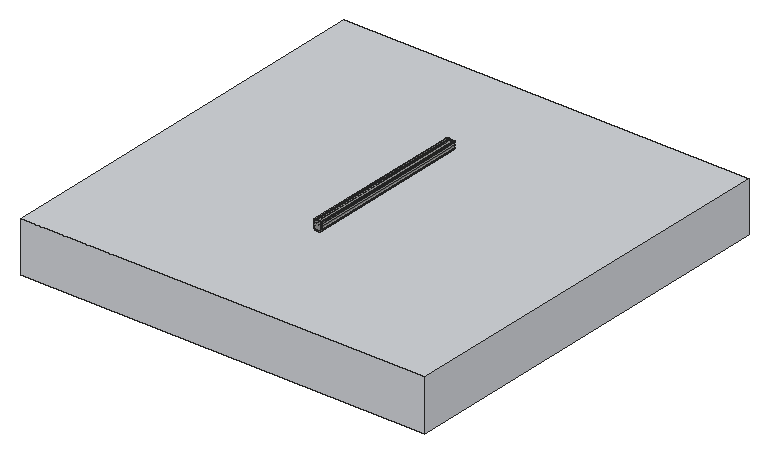
Revit family "L-trade 55 Standart", category Осветительные приборы, Revit 2017
Family settings
  Основа = Грань
  Размер круглого соединителя = Использовать диаметр
  Тип детали = Нормальный
  При загрузке вырезать с полостями = Нет
  Источник света = Да
  Общий = Нет
  Точка расчета площади = Нет
Parameters (values of type "L-trade 55 Standart 4.0K Г60")
  Цветовая температура = 4000 K
  Световой поток светильника = Lumens  # 4517 lm
  Расстояние от светильника до поверхности = 100 mm
  Описание = "Светодиодный светильник L-trade 55 Standart предназначен для освещения промышленных помещений, логистических центров, магазинов, спортивных сооружений и т.д."
  Lamp = ""
  Кривая сил света = "Г60"
  Комментарии к типоразмеру = "Торговые"
  Wattage Comments = ""
  Wattage = 30.4089 W
  built-in parameter 1150110 = 1 (stored number, unit not read)
  built-in parameter 1114217 = 1 (stored number, unit not read)
  Tilt Angle = 90.00°
  built-in parameter 1150109 = 1 (stored number, unit not read)
  built-in parameter 1150134 = 12
  built-in parameter 1150113 = 1 (stored number, unit not read)
  Файл фотометрической сетки = "L-trade 55-52-G60-4.0K-01-Standart.ies"
  built-in parameter 1150142 = "IESNA:LM-63-1995\r\n[TEST]LEDEL\r\n[DATA]22.10.2017\r\n[MANUFAC]LEDEL\r\n[LUMCAT]L-trade 55-52-Г60-4.0K-01-Standart\r\n[LUMINAIRE]Для общего внутреннего освещения производственных помещений, торговых залов, складов\r\n[LAMPCAT]LED\r\n[LAMP]OSRAM OSLON \r\nTILT=NONE\r\n\r\n1 4851 1.0225548 37 10 1 2 1.537 0.048 0.0565\r\n\r\n1 1 52\r\n\r\n 0 2.5 5 7.5 10 12.5 15 17.5 20 22.5 25 27.5 30 32.5 35 37.5 40 42.5 45 47.5 50 52.5 55 57.5 60 62.5 65 67.5 70 72.5 75 77.5 80 82.5\r\n 85 87.5 90\r\n\r\n  0 10 20 30 40 50 60 70 80 90\r\n\r\n  2421 2423 2420 2406 2381 2343 2303 2256 2208 2154 2097 2035 1933 1728 1563 1436 1316 1174 1044 928 786 614 465 384 356 \r\n333 286 247 240 219 185 184 159 139 107 51 17\r\n  2421 2423 2420 2406 2381 2343 2303 2256 2208 2154 2097 2035 1933 1728 1563 1436 1316 1174 1044 928 786 614 465 384 356 \r\n333 286 247 240 219 185 184 159 139 107 51 17\r\n  2414 2417 2414 2404 2383 2348 2303 2238 2157 2067 1986 1915 1809 1623 1433 1301 1183 1055 917 772 668 577 463 375 321\r\n296 258 198 165 167 148 141 126 106 76 35 13\r\n  2413 2417 2414 2405 2385 2348 2303 2260 2213 2160 2098 2035 1958 1825 1602 1424 1266 1103 911 743 633 573 513 406 320\r\n283 280 251 204 183 165 129 119 106 78 42 19\r\n  2414 2417 2412 2400 2379 2347 2307 2262 2213 2162 2104 2029 1958 1870 1708 1487 1325 1176 982 811 692 591 496 428 363\r\n308 279 256 235 190 155 144 117 91 65 39 19\r\n  2414 2416 2412 2397 2370 2347 2313 2267 2216 2164 2107 2045 1967 1889 1785 1595 1377 1201 1002 817 687 600 515 450 432\r\n384 302 232 209 203 187 148 117 98 69 42 20\r\n  2417 2417 2414 2395 2371 2348 2318 2277 2225 2171 2119 2050 1984 1898 1811 1690 1492 1224 982 815 717 632 553 478 395\r\n347 329 297 257 183 170 169 137 101 73 46 20\r\n  2417 2407 2385 2366 2337 2302 2259 2215 2165 2110 2052 1979 1900 1813 1697 1570 1398 1174 953 808 700 641 535 417 366 \r\n351 296 226 235 220 172 147 123 89 47 15 11\r\n  2420 2419 2411 2390 2374 2348 2313 2270 2227 2179 2129 2074 2008 1941 1861 1742 1598 1416 1228 1048 878 777 672 556 484\r\n460 434 366 316 285 237 189 174 144 109 65 15\r\n  2420 2420 2413 2392 2374 2348 2312 2271 2228 2183 2129 2076 2017 1950 1865 1745 1588 1393 1187 1049 952 826 622 465 426\r\n452 438 314 261 299 243 165 197 147 117 72 19\r\n  "
  built-in parameter 1150105 = 359.45 (stored number, unit not read)
  Lumens = 4517 lm
  built-in parameter 1150115 = 1 (stored number, unit not read)
  built-in parameter 1150137 = (empty or 0)
  built-in parameter 1150139 = (empty or 0)
  built-in parameter 1150112 = 1 (stored number, unit not read)
  built-in parameter 1150114 = 1 (stored number, unit not read)
  built-in parameter 1150132 = 2
  Классификация нагрузок = Освещение
  built-in parameter 1150102 = (empty or 0)
  built-in parameter 1150107 = 4000 (stored number, unit not read)
  built-in parameter 1150138 = (empty or 0)
  built-in parameter 1150106 = 3.5945 (stored number, unit not read)
  Emit from Rectangle Width = 37.9 mm
  Emit from Rectangle Length = 985 mm
  Manufacturer = ""
  Длина профиля = Emit from Rectangle Length + 15 mm  # 1000 mm
  Emit Shape Visible in Rendering = no
  built-in parameter 1150104 = 13.8 (stored number, unit not read)
  Dimming Lamp Color Temperature Shift = (empty or 0)
  Default Elevation = 1219.2 mm
  Color Filter = 16777215
  built-in parameter 1114218 = 1 (stored number, unit not read)
  built-in parameter 1150133 = 10 (stored number, unit not read)
  Apparent Load = 52 VA  # constant formula
  Артикул = ""
Reference planes
  plane 1 "Center (Front/Back)": y = 0
  plane 2: z = 0
  plane 3 "Center (Left/Right)": x = 0
Forms (mm)
  Extrusion 1, solid
    sketch origin (0, 0, 0) x (1, 0, 0) y (0, 1, 0)
      loop
        line (-1219.2, 1219.2) -> (-1219.2, -1219.2) -> (1219.2, -1219.2) -> (1219.2, 1219.2) -> (-1219.2, 1219.2)
    from 0 to -304.8
Dimensions and locks
  "Расстояние от светильника до поверхности": imposter light to Extrusion 1
  aligned and locked: plane 2 to Extrusion 1
  aligned and locked: level to Extrusion 1
Automatic sketch dimensions
  Extrusion 1 sketch curve to Extrusion 1 sketch curve = 2438.4 mm  (x2)
Nested families
  nested 1: "L-trade_body" at (0, 0, 0), type "L-trade_body"
Connectors
  electrical at (0, 0, 0), driven by "Apparent Load", driven by "Классификация нагрузок"
    settings: on Extrusion 1, index 1, voltage 230 V, apparent load 0 VA, apparent load phase1 52 VA, apparent load phase2 0 VA, apparent load phase3 0 VA, power factor 1, load classification "Освещение", number of poles 1, system type 31, power factor state 1, is connector primary yes, connector utility no, sub classification motor no, connector description ""
Definition of nested family "L-trade_body"
  Parameters (values of type "L-trade_body")
    Тип торцевой крышки = Trade Standart : Trade Standart
    Расстояние от светильника до плоскости = 55.991 mm
    Default Elevation = 1219.2 mm
    Начало выдавливания = Длина профиля / 2 * (-1)  # -250 mm
    Конец выдавливания = Длина профиля / 2  # 250 mm
    Длина профиля = 500 mm
  Reference planes
    plane 1 "По центру (Вперед/Назад)": y = 0
    plane 2: z = 0
    plane 3 "По центру (Влево/Вправо)": x = 0
    plane 4 "Плоскость расположения светильника": z = 55.991
  Forms (mm)
    Extrusion 1, solid
      sketch origin (0, 0, 0) x (1, 0, 0) y (0, 1, 0)
        loop
          line (-1219.2, 1219.2) -> (-1219.2, -1219.2) -> (1219.2, -1219.2) -> (1219.2, 1219.2) -> (-1219.2, 1219.2)
      from 0 to -304.8
    Extrusion 2, solid
      sketch origin (-0.012, 0, 76.46) x (0, 0, 1) y (1, 0, 0)
        loop
          arc (-59.25, -24.005) -> (-52.269, -20.15) -> (-45.287, -24.005) r 8.25
          arc (-45.287, -24.005) -> (-39.588, -21.546) -> (-34.671, -17.758) r 25
          arc (-34.671, -17.758) -> (-33.593, -19.381) -> (-31.769, -20) r 3
          line (-31.769, -20) -> (-31.747, -18.485)
          arc (-31.747, -18.485) -> (-32.827, -15.957) -> (-30.283, -17) r 1.486
          line (-30.283, -17) -> (-28.946, -18.017)
          arc (-28.946, -18.017) -> (-28.836, -17.633) -> (-28.778, -17.238) r 3
          arc (-28.778, -17.238) -> (-28.264, -17.566) -> (-27.736, -17.872) r 15
          arc (-27.736, -17.872) -> (-28.629, -21.6) -> (-25.469, -23.771) r 3.385
          line (-25.469, -23.771) -> (-20.469, -23.771) -> (-20.469, -21.96) -> (-20.469, -18.959) -> (-21.47, -18.959) -> (-21.47, -21.96) -> (-25.469, -21.96)
          arc (-25.469, -21.96) -> (-26.945, -20.195) -> (-24.946, -19.054) r 1.5
          line (-24.946, -19.054) -> (-24.946, -17.462)
          arc (-24.946, -17.462) -> (-28.28, -15.733) -> (-31.007, -13.151) r 13.477
          arc (-31.007, -13.151) -> (-31.597, -12.352) -> (-32.126, -11.512) r 13.477
          arc (-32.126, -11.512) -> (-33.542, -8.026) -> (-33.938, -4.283) r 13.477
          line (-33.938, -4.283) -> (-34.93, -4.283) -> (-34.93, -5.255) -> (-36.043, -5.255) -> (-36.043, 0) -> (-36.043, 5.255) -> (-34.93, 5.255) -> (-34.93, 4.283) -> (-33.938, 4.283)
          arc (-33.938, 4.283) -> (-33.542, 8.026) -> (-32.126, 11.512) r 13.477
          arc (-32.126, 11.512) -> (-31.597, 12.352) -> (-31.007, 13.151) r 13.477
          arc (-31.007, 13.151) -> (-28.28, 15.733) -> (-24.946, 17.462) r 13.477
          line (-24.946, 17.462) -> (-24.946, 19.054)
          arc (-24.946, 19.054) -> (-26.945, 20.195) -> (-25.469, 21.96) r 1.5
          line (-25.469, 21.96) -> (-21.47, 21.96) -> (-21.47, 18.959) -> (-20.469, 18.959) -> (-20.469, 21.96) -> (-20.469, 23.771) -> (-25.469, 23.771)
          arc (-25.469, 23.771) -> (-28.629, 21.6) -> (-27.736, 17.872) r 3.385
          arc (-27.736, 17.872) -> (-28.264, 17.566) -> (-28.778, 17.238) r 15
          arc (-28.778, 17.238) -> (-28.836, 17.633) -> (-28.946, 18.017) r 3
          line (-28.946, 18.017) -> (-30.283, 17)
          arc (-30.283, 17) -> (-32.819, 15.949) -> (-31.769, 18.486) r 1.486
          line (-31.769, 18.486) -> (-31.769, 20)
          arc (-31.769, 20) -> (-33.603, 19.374) -> (-34.671, 17.758) r 3
          arc (-34.671, 17.758) -> (-39.588, 21.546) -> (-45.287, 24.005) r 25
          arc (-45.287, 24.005) -> (-52.269, 20.15) -> (-59.25, 24.005) r 8.25
          arc (-59.25, 24.005) -> (-64.079, 22.034) -> (-68.395, 19.104) r 25
          line (-68.395, 19.104) -> (-69.102, 17.807)
          arc (-69.102, 17.807) -> (-68.597, 17.356) -> (-68.344, 16.728) r 1.489
          arc (-68.344, 16.728) -> (-68.731, 15.48) -> (-69.953, 15.017) r 1.489
          arc (-69.953, 15.017) -> (-71.216, 15.994) -> (-70.869, 17.553) r 1.489
          line (-70.869, 17.553) -> (-71.913, 18.598)
          arc (-71.913, 18.598) -> (-72.763, 16.832) -> (-72.327, 14.922) r 2.966
          arc (-72.327, 14.922) -> (-75.219, 9.913) -> (-76.883, 4.375) r 25
          line (-76.883, 4.375) -> (-76.883, 2.61) -> (-75.101, 2.61) -> (-75.101, 4.112) -> (-71.169, 4.112) -> (-71.169, 0) -> (-71.169, -4.112) -> (-75.101, -4.112) -> (-75.101, -2.61) -> (-76.883, -2.61) -> (-76.883, -4.375)
          arc (-76.883, -4.375) -> (-75.219, -9.913) -> (-72.327, -14.922) r 25
          arc (-72.327, -14.922) -> (-72.763, -16.832) -> (-71.913, -18.598) r 2.966
          line (-71.913, -18.598) -> (-70.869, -17.553)
          arc (-70.869, -17.553) -> (-71.216, -15.994) -> (-69.953, -15.017) r 1.489
          arc (-69.953, -15.017) -> (-68.731, -15.48) -> (-68.344, -16.728) r 1.489
          arc (-68.344, -16.728) -> (-68.597, -17.356) -> (-69.102, -17.807) r 1.489
          line (-69.102, -17.807) -> (-68.395, -19.104)
          arc (-68.395, -19.104) -> (-64.079, -22.034) -> (-59.25, -24.005) r 25
        loop
          arc (-59.931, -21.898) -> (-52.269, -18.35) -> (-44.606, -21.898) r 10.05
          arc (-44.606, -21.898) -> (-38.092, -18.365) -> (-33.024, -12.957) r 23.2
          arc (-33.024, -12.957) -> (-34.527, -9.982) -> (-35.335, -6.748) r 15
          line (-35.335, -6.748) -> (-37.561, -6.748) -> (-37.561, 0) -> (-37.561, 6.748) -> (-35.335, 6.748)
          arc (-35.335, 6.748) -> (-34.527, 9.982) -> (-33.024, 12.957) r 15
          arc (-33.024, 12.957) -> (-38.092, 18.365) -> (-44.606, 21.898) r 23.2
          arc (-44.606, 21.898) -> (-52.269, 18.35) -> (-59.931, 21.898) r 10.05
          arc (-59.931, 21.898) -> (-63.725, 20.174) -> (-67.149, 17.799) r 23.2
          arc (-67.149, 17.799) -> (-67.655, 14.468) -> (-70.949, 13.759) r 2.966
          arc (-70.949, 13.759) -> (-73.267, 9.864) -> (-74.784, 5.594) r 23.2
          line (-74.784, 5.594) -> (-69.669, 5.594) -> (-69.669, 0) -> (-69.669, -5.594) -> (-74.784, -5.594)
          arc (-74.784, -5.594) -> (-73.267, -9.864) -> (-70.949, -13.759) r 23.2
          arc (-70.949, -13.759) -> (-67.655, -14.468) -> (-67.149, -17.799) r 2.966
          arc (-67.149, -17.799) -> (-63.725, -20.174) -> (-59.931, -21.898) r 23.2
      from -250 <- "Начало выдавливания" to 250 <- "Конец выдавливания"
    Extrusion 3, solid
      sketch origin (-0.012, 0.083, 76.46) x (-1, 0, 0) y (0, 0, -1)
        loop
          line (21.96, 21.47) -> (21.96, 24.47) -> (-21.96, 24.47) -> (-21.96, 21.47) -> (21.96, 21.47)
      from -250 <- "Начало выдавливания" to 250 <- "Конец выдавливания"
  Dimensions and locks
    "Расстояние от светильника до плоскости": plane 4 "Плоскость расположения светильника" to Extrusion 1
    aligned and locked: plane 2 to Extrusion 1
    aligned and locked: level to Extrusion 1
  Automatic sketch dimensions
    Extrusion 1 sketch curve to Extrusion 1 sketch curve = 2438.4 mm  (x2)
    Extrusion 2 sketch curve to Extrusion 2 sketch curve = 0 mm  (x233)
    Extrusion 2 sketch curve to plane 4 "Плоскость расположения светильника" = 0 mm  (x4)
    Extrusion 2 sketch curve to Extrusion 2 sketch curve = 1.002 mm
    Extrusion 2 sketch curve to plane 4 "Плоскость расположения светильника" = 1.002 mm
    Extrusion 2 sketch curve to Extrusion 2 sketch curve = 3.475 mm  (x2)
    Extrusion 2 sketch curve to Extrusion 2 sketch curve = 0.523 mm  (x2)
    Extrusion 2 sketch curve to Extrusion 2 sketch curve = 4.001 mm  (x2)
    Extrusion 2 sketch curve to Extrusion 2 sketch curve = 1.337 mm  (x2)
    Extrusion 2 sketch curve to Extrusion 2 sketch curve = 1.486 mm  (x2)
    plane 3 "По центру (Влево/Вправо)" to Extrusion 2 sketch curve = 4.272 mm
    Extrusion 2 sketch curve to Extrusion 2 sketch curve = 2.169 mm
    Extrusion 2 sketch curve to plane 3 "По центру (Влево/Вправо)" = 4.295 mm
    Extrusion 2 sketch curve to Extrusion 2 sketch curve = 0.992 mm  (x2)
    Extrusion 2 sketch curve to Extrusion 2 sketch curve = 0.405 mm  (x2)
    Extrusion 2 sketch curve to Extrusion 2 sketch curve = 1.113 mm
    Extrusion 2 sketch curve to Extrusion 2 sketch curve = 1.518 mm
    Extrusion 2 sketch curve to plane 3 "По центру (Влево/Вправо)" = 0.012 mm  (x5)
    Extrusion 2 sketch curve to Extrusion 2 sketch curve = 14.707 mm
    Extrusion 2 sketch curve to Extrusion 2 sketch curve = 20.5 mm  (x2)
    Extrusion 2 sketch curve to Extrusion 2 sketch curve = 16.126 mm  (x2)
    Extrusion 2 sketch curve to Extrusion 2 sketch curve = 0.708 mm  (x2)
    plane 3 "По центру (Влево/Вправо)" to Extrusion 2 sketch curve = 5.582 mm
    Extrusion 2 sketch curve to Extrusion 2 sketch curve = 0.566 mm
    Extrusion 2 sketch curve to Extrusion 2 sketch curve = 0.713 mm  (x2)
    Extrusion 2 sketch curve to Extrusion 2 sketch curve = 1.053 mm  (x3)
    Extrusion 2 sketch curve to Extrusion 2 sketch curve = 1.5 mm
    Extrusion 2 sketch curve to Extrusion 2 sketch curve = 1.045 mm  (x4)
    Extrusion 2 sketch curve to plane 3 "По центру (Влево/Вправо)" = 18.609 mm
    Extrusion 2 sketch curve to Extrusion 2 sketch curve = 3.615 mm  (x2)
    Extrusion 2 sketch curve to Extrusion 2 sketch curve = 0.317 mm  (x2)
    Extrusion 2 sketch curve to Extrusion 2 sketch curve = 1.782 mm  (x2)
    Extrusion 2 sketch curve to plane 3 "По центру (Влево/Вправо)" = 18.971 mm
    Extrusion 2 sketch curve to Extrusion 2 sketch curve = 0.095 mm
    Extrusion 2 sketch curve to Extrusion 2 sketch curve = 0.506 mm
    Extrusion 2 sketch curve to Extrusion 2 sketch curve = 1.331 mm  (x2)
    Extrusion 2 sketch curve to Extrusion 2 sketch curve = 0.075 mm  (x2)
    Extrusion 2 sketch curve to Extrusion 2 sketch curve = 1.81 mm  (x2)
    Extrusion 2 sketch curve to Extrusion 2 sketch curve = 9.296 mm  (x2)
    Extrusion 2 sketch curve to Extrusion 2 sketch curve = 1.037 mm
    Extrusion 2 sketch curve to Extrusion 2 sketch curve = 1.297 mm  (x2)
    Extrusion 2 sketch curve to Extrusion 2 sketch curve = 1.593 mm  (x2)
    Extrusion 2 sketch curve to Extrusion 2 sketch curve = 1.017 mm  (x2)
    Extrusion 2 sketch curve to Extrusion 2 sketch curve = 2.464 mm
    Extrusion 2 sketch curve to plane 3 "По центру (Влево/Вправо)" = 5.606 mm
    Extrusion 2 sketch curve to Extrusion 2 sketch curve = 0.971 mm  (x2)
    Extrusion 2 sketch curve to Extrusion 2 sketch curve = 1.219 mm
    Extrusion 2 sketch curve to Extrusion 2 sketch curve = 1.482 mm  (x2)
    Extrusion 2 sketch curve to Extrusion 2 sketch curve = 1.502 mm
    plane 3 "По центру (Влево/Вправо)" to Extrusion 2 sketch curve = 2.598 mm
    Extrusion 2 sketch curve to Extrusion 2 sketch curve = 1.765 mm
    plane 3 "По центру (Влево/Вправо)" to Extrusion 2 sketch curve = 4.738 mm
    Extrusion 2 sketch curve to Extrusion 2 sketch curve = 1.493 mm
    Extrusion 2 sketch curve to Extrusion 2 sketch curve = 10.906 mm
    Extrusion 2 sketch curve to Extrusion 2 sketch curve = 0.462 mm
    Extrusion 2 sketch curve to Extrusion 2 sketch curve = 1.497 mm
    Extrusion 2 sketch curve to Extrusion 2 sketch curve = 1.514 mm
    Extrusion 2 sketch curve to Extrusion 2 sketch curve = 1.21 mm  (x2)
    Extrusion 2 sketch curve to Extrusion 2 sketch curve = 0.724 mm  (x2)
    Extrusion 2 sketch curve to Extrusion 2 sketch curve = 0.024 mm  (x2)
    Extrusion 2 sketch curve to Extrusion 2 sketch curve = 0.021 mm
    Extrusion 2 sketch curve to Extrusion 2 sketch curve = 1.119 mm  (x2)
    Extrusion 2 sketch curve to Extrusion 2 sketch curve = 0.898 mm  (x2)
    Extrusion 2 sketch curve to Extrusion 2 sketch curve = 2.903 mm  (x2)
    Extrusion 2 sketch curve to Extrusion 2 sketch curve = 7.663 mm  (x2)
    Extrusion 2 sketch curve to Extrusion 2 sketch curve = 0.681 mm  (x4)
    Extrusion 2 sketch curve to Extrusion 2 sketch curve = 6.982 mm
    Extrusion 2 sketch curve to Extrusion 2 sketch curve = 1.246 mm  (x2)
    Extrusion 2 sketch curve to Extrusion 2 sketch curve = 0.758 mm  (x2)
    Extrusion 2 sketch curve to Extrusion 2 sketch curve = 0.137 mm  (x2)
    Extrusion 3 sketch curve to plane 4 "Плоскость расположения светильника" = 1.002 mm
    plane 3 "По центру (Влево/Вправо)" to Extrusion 3 sketch curve = 21.949 mm
    Extrusion 3 sketch curve to plane 4 "Плоскость расположения светильника" = 4.002 mm
    Extrusion 3 sketch curve to plane 3 "По центру (Влево/Вправо)" = 21.972 mm
  Nested families
    nested 1: "Trade Standart" at (0.555, 0.024, 0), type <- "Тип торцевой крышки", type "Trade Standart"
      with Расстояние до плоскости 55.991 mm, Начало профиля 250 mm, Конец профиля 250 mm
    nested 2: "Trade Standart" at (0.452, 0, 0), type <- "Тип торцевой крышки", type "Trade Standart"
      with Расстояние до плоскости 55.991 mm, Начало профиля 250 mm, Конец профиля 250 mm
  Definition of nested family "Trade Standart"
    Parameters (values of type "Trade Standart")
      Расстояние до плоскости = 150 mm
      Default Elevation = 1219.2 mm
      Начало профиля = 249.976 mm
      Конец профиля = 250.024 mm
    Reference planes
      plane 1 "По центру (Вперед/Назад)": y = 0
      plane 2: z = 0
      plane 3 "По центру (Влево/Вправо)": x = 0
      plane 4 "Плоскость светильника": z = 150
    Forms (mm)
      Extrusion 1, solid
        sketch origin (0, 0, 0) x (1, 0, 0) y (0, 1, 0)
          loop
            line (-1219.2, 1219.2) -> (-1219.2, -1219.2) -> (1219.2, -1219.2) -> (1219.2, 1219.2) -> (-1219.2, 1219.2)
        from 0 to -304.8
      Extrusion 2, solid
        sketch origin (-19.367, -250.024, 150) x (1, 0, 0) y (0, 0, 1)
          loop
            arc (33.722, -51.859) -> (35.632, -52.295) -> (37.398, -51.445) r 2.966
            arc (37.398, -51.445) -> (38.236, -49.77) -> (37.904, -47.926) r 2.966
            arc (37.904, -47.926) -> (40.834, -43.611) -> (42.805, -38.782) r 25
            arc (42.805, -38.782) -> (38.95, -31.8) -> (42.805, -24.818) r 8.25
            arc (42.805, -24.818) -> (40.346, -19.12) -> (36.558, -14.203) r 25
            arc (36.558, -14.203) -> (38.174, -13.134) -> (38.8, -11.3) r 3
            arc (38.8, -11.3) -> (38.255, -9.575) -> (36.817, -8.478) r 3
            arc (36.817, -8.478) -> (36.433, -8.368) -> (36.038, -8.309) r 3
            arc (36.038, -8.309) -> (36.366, -7.795) -> (36.672, -7.268) r 15
            arc (36.672, -7.268) -> (40.4, -8.16) -> (42.571, -5) r 3.385
            line (42.571, -5) -> (42.571, 0) -> (40.76, 0) -> (37.759, 0) -> (-0.159, 0) -> (-3.16, 0) -> (-4.971, 0) -> (-4.971, -5)
            arc (-4.971, -5) -> (-2.8, -8.16) -> (0.928, -7.268) r 3.385
            arc (0.928, -7.268) -> (1.234, -7.795) -> (1.562, -8.309) r 15
            arc (1.562, -8.309) -> (1.167, -8.368) -> (0.783, -8.478) r 3
            arc (0.783, -8.478) -> (-0.655, -9.575) -> (-1.2, -11.3) r 3
            arc (-1.2, -11.3) -> (-0.574, -13.134) -> (1.042, -14.203) r 3
            arc (1.042, -14.203) -> (-2.746, -19.12) -> (-5.205, -24.818) r 25
            arc (-5.205, -24.818) -> (-1.35, -31.8) -> (-5.205, -38.782) r 8.25
            arc (-5.205, -38.782) -> (-3.234, -43.611) -> (-0.304, -47.926) r 25
            arc (-0.304, -47.926) -> (-0.636, -49.77) -> (0.202, -51.445) r 2.966
            arc (0.202, -51.445) -> (1.968, -52.295) -> (3.878, -51.859) r 2.966
            arc (3.878, -51.859) -> (9.009, -54.803) -> (14.688, -56.46) r 25
            line (14.688, -56.46) -> (14.688, -50.7) -> (18.8, -50.7) -> (22.912, -50.7) -> (22.912, -56.46)
            arc (22.912, -56.46) -> (28.591, -54.803) -> (33.722, -51.859) r 25
        from 0 to 1.5
      Extrusion 3, solid
        sketch origin (18.233, 249.976, 150) x (-1, 0, 0) y (0, 0, 1)
          loop
            arc (3.884, -51.859) -> (9.014, -54.803) -> (14.693, -56.46) r 25
            line (14.693, -56.46) -> (14.693, -50.7) -> (18.805, -50.7) -> (22.917, -50.7) -> (22.917, -56.46)
            arc (22.917, -56.46) -> (28.596, -54.803) -> (33.727, -51.859) r 25
            arc (33.727, -51.859) -> (35.637, -52.295) -> (37.403, -51.445) r 2.966
            arc (37.403, -51.445) -> (38.241, -49.77) -> (37.909, -47.926) r 2.966
            arc (37.909, -47.926) -> (40.839, -43.611) -> (42.81, -38.782) r 25
            arc (42.81, -38.782) -> (38.955, -31.8) -> (42.81, -24.818) r 8.25
            arc (42.81, -24.818) -> (40.351, -19.12) -> (36.563, -14.203) r 25
            arc (36.563, -14.203) -> (38.179, -13.134) -> (38.805, -11.3) r 3
            arc (38.805, -11.3) -> (38.26, -9.575) -> (36.822, -8.478) r 3
            arc (36.822, -8.478) -> (36.438, -8.368) -> (36.043, -8.309) r 3
            arc (36.043, -8.309) -> (36.371, -7.795) -> (36.677, -7.268) r 15
            arc (36.677, -7.268) -> (40.405, -8.16) -> (42.576, -5) r 3.385
            line (42.576, -5) -> (42.576, 0) -> (40.765, 0) -> (37.764, 0) -> (-0.154, 0) -> (-3.155, 0) -> (-4.966, 0) -> (-4.966, -5)
            arc (-4.966, -5) -> (-2.795, -8.16) -> (0.933, -7.268) r 3.385
            arc (0.933, -7.268) -> (1.239, -7.795) -> (1.567, -8.309) r 15
            arc (1.567, -8.309) -> (1.172, -8.368) -> (0.788, -8.478) r 3
            arc (0.788, -8.478) -> (-0.65, -9.575) -> (-1.195, -11.3) r 3
            arc (-1.195, -11.3) -> (-0.569, -13.134) -> (1.047, -14.203) r 3
            arc (1.047, -14.203) -> (-2.741, -19.12) -> (-5.2, -24.818) r 25
            arc (-5.2, -24.818) -> (-1.345, -31.8) -> (-5.2, -38.782) r 8.25
            arc (-5.2, -38.782) -> (-3.229, -43.611) -> (-0.299, -47.926) r 25
            arc (-0.299, -47.926) -> (-0.631, -49.77) -> (0.207, -51.445) r 2.966
            arc (0.207, -51.445) -> (1.973, -52.295) -> (3.884, -51.859) r 2.966
        from 0 to 1.5
      Extrusion 4, solid
        sketch origin (0, -398.223, 150) x (0, -1, 0) y (1, 0, 0)
          loop
            line (-154.699, 18.233) -> (-154.699, -19.367) -> (-148.199, -19.367) -> (-148.199, 18.233) -> (-154.699, 18.233)
          loop
            line (-648.199, -19.367) -> (-641.699, -19.367) -> (-641.699, 18.233) -> (-648.199, 18.233) -> (-648.199, -19.367)
        from 0 to -1
    Dimensions and locks
      "Расстояние до плоскости": plane 4 "Плоскость светильника" to Extrusion 1
      "Конец профиля": plane 1 "По центру (Вперед/Назад)" to Extrusion 4
      "Начало профиля": Extrusion 4 to plane 1 "По центру (Вперед/Назад)"
      aligned and locked: plane 2 to Extrusion 1
      aligned and locked: level to Extrusion 1
    Automatic sketch dimensions
      Extrusion 1 sketch curve to Extrusion 1 sketch curve = 2438.4 mm  (x2)
      Extrusion 4 sketch curve to plane 3 "По центру (Влево/Вправо)" = 19.367 mm  (x2)
      plane 1 "По центру (Вперед/Назад)" to Extrusion 4 sketch curve = 243.524 mm
      Extrusion 4 sketch curve to Extrusion 4 sketch curve = 6.5 mm  (x2)
      plane 3 "По центру (Влево/Вправо)" to Extrusion 4 sketch curve = 18.233 mm  (x2)
      Extrusion 4 sketch curve to plane 1 "По центру (Вперед/Назад)" = 243.476 mm
      Extrusion 2 sketch curve to Extrusion 2 sketch curve = 0 mm  (x46)
      Extrusion 2 sketch curve to Extrusion 4 = 0 mm  (x3)
      Extrusion 2 sketch curve to Extrusion 4 = 9.6 mm
      Extrusion 2 sketch curve to Extrusion 4 = 4.971 mm
      Extrusion 2 sketch curve to Extrusion 2 sketch curve = 1.81 mm
      Extrusion 2 sketch curve to Extrusion 4 = 1.585 mm
      Extrusion 2 sketch curve to Extrusion 4 = 0.159 mm
      Extrusion 4 to Extrusion 2 sketch curve = 1.8 mm
      Extrusion 4 to Extrusion 2 sketch curve = 2.3 mm
      Extrusion 4 to Extrusion 2 sketch curve = 14.05 mm
      Extrusion 2 sketch curve to Extrusion 2 sketch curve = 12.388 mm
      Extrusion 4 to Extrusion 2 sketch curve = 18.8 mm
      Extrusion 2 sketch curve to Extrusion 2 sketch curve = 4.112 mm  (x2)
      Extrusion 2 sketch curve to Extrusion 2 sketch curve = 9.5 mm
      Extrusion 2 sketch curve to Extrusion 4 = 2.3 mm
      Extrusion 2 sketch curve to Extrusion 4 = 1.8 mm
      Extrusion 4 to Extrusion 2 sketch curve = 0.159 mm
      Extrusion 4 to Extrusion 2 sketch curve = 1.585 mm
      Extrusion 2 sketch curve to Extrusion 2 sketch curve = 3.001 mm
      Extrusion 2 sketch curve to Extrusion 2 sketch curve = 3.385 mm
      Extrusion 4 to Extrusion 2 sketch curve = 9.6 mm
      Extrusion 2 sketch curve to Extrusion 4 = 4 mm  (x2)
      Extrusion 2 sketch curve to Extrusion 2 sketch curve = 6.3 mm  (x2)
      Extrusion 2 sketch curve to Extrusion 2 sketch curve = 20.5 mm  (x3)
      Extrusion 2 sketch curve to Extrusion 2 sketch curve = 17.547 mm  (x2)
      Extrusion 2 sketch curve to Extrusion 2 sketch curve = 1.353 mm
      Extrusion 2 sketch curve to Extrusion 2 sketch curve = 5.76 mm  (x2)
      Extrusion 2 sketch curve to Extrusion 4 = 5.205 mm  (x2)
      Extrusion 2 sketch curve to Extrusion 4 = 1.2 mm
      Extrusion 2 sketch curve to Extrusion 4 = 0.304 mm
      Extrusion 4 to Extrusion 2 sketch curve = 0.202 mm
      Extrusion 4 to Extrusion 2 sketch curve = 0.783 mm
      Extrusion 4 to Extrusion 2 sketch curve = 0.928 mm
      Extrusion 4 to Extrusion 2 sketch curve = 1.042 mm
      Extrusion 2 sketch curve to Extrusion 2 sketch curve = 1.578 mm
      Extrusion 2 sketch curve to Extrusion 4 = 1.562 mm
      Extrusion 2 sketch curve to Extrusion 4 = 1.042 mm
      Extrusion 2 sketch curve to Extrusion 4 = 0.928 mm
      Extrusion 2 sketch curve to Extrusion 4 = 0.783 mm
      Extrusion 2 sketch curve to Extrusion 4 = 0.202 mm
      Extrusion 4 to Extrusion 2 sketch curve = 0.304 mm
      Extrusion 4 to Extrusion 2 sketch curve = 5.205 mm
      Extrusion 3 sketch curve to Extrusion 3 sketch curve = 0 mm  (x46)
      Extrusion 3 sketch curve to Extrusion 4 = 0 mm  (x3)
      Extrusion 3 sketch curve to Extrusion 4 = 9.595 mm
      Extrusion 3 sketch curve to Extrusion 4 = 4.966 mm
      Extrusion 3 sketch curve to Extrusion 3 sketch curve = 1.81 mm  (x2)
      Extrusion 3 sketch curve to Extrusion 4 = 1.58 mm
      Extrusion 3 sketch curve to Extrusion 4 = 0.154 mm
      Extrusion 4 to Extrusion 3 sketch curve = 1.805 mm
      Extrusion 4 to Extrusion 3 sketch curve = 2.305 mm
      Extrusion 4 to Extrusion 3 sketch curve = 14.055 mm
      Extrusion 3 sketch curve to Extrusion 3 sketch curve = 12.388 mm
      Extrusion 3 sketch curve to Extrusion 4 = 18.795 mm
      Extrusion 3 sketch curve to Extrusion 3 sketch curve = 4.112 mm  (x2)
      Extrusion 3 sketch curve to Extrusion 3 sketch curve = 9.5 mm
      Extrusion 3 sketch curve to Extrusion 4 = 2.295 mm
      Extrusion 3 sketch curve to Extrusion 4 = 1.795 mm
      Extrusion 4 to Extrusion 3 sketch curve = 0.164 mm
      Extrusion 4 to Extrusion 3 sketch curve = 1.59 mm
      Extrusion 3 sketch curve to Extrusion 3 sketch curve = 3.001 mm
      Extrusion 4 to Extrusion 3 sketch curve = 9.605 mm
      Extrusion 3 sketch curve to Extrusion 4 = 4 mm  (x2)
      Extrusion 3 sketch curve to Extrusion 3 sketch curve = 6.3 mm  (x2)
      Extrusion 3 sketch curve to Extrusion 3 sketch curve = 20.5 mm  (x3)
      Extrusion 3 sketch curve to Extrusion 3 sketch curve = 17.547 mm  (x2)
      Extrusion 3 sketch curve to Extrusion 3 sketch curve = 1.353 mm
      Extrusion 3 sketch curve to Extrusion 3 sketch curve = 5.76 mm  (x2)
      Extrusion 3 sketch curve to Extrusion 4 = 5.2 mm  (x2)
      Extrusion 3 sketch curve to Extrusion 4 = 1.195 mm
      Extrusion 3 sketch curve to Extrusion 4 = 0.299 mm
      Extrusion 4 to Extrusion 3 sketch curve = 0.207 mm
      Extrusion 4 to Extrusion 3 sketch curve = 0.788 mm
      Extrusion 4 to Extrusion 3 sketch curve = 0.933 mm
      Extrusion 4 to Extrusion 3 sketch curve = 1.047 mm
      Extrusion 3 sketch curve to Extrusion 3 sketch curve = 1.578 mm
      Extrusion 3 sketch curve to Extrusion 4 = 1.557 mm
      Extrusion 3 sketch curve to Extrusion 4 = 1.037 mm
      Extrusion 3 sketch curve to Extrusion 4 = 0.923 mm
      Extrusion 3 sketch curve to Extrusion 4 = 0.778 mm
      Extrusion 3 sketch curve to Extrusion 4 = 0.197 mm
      Extrusion 4 to Extrusion 3 sketch curve = 0.309 mm
      Extrusion 4 to Extrusion 3 sketch curve = 5.21 mm
Types (8, lengths in mm): name | Цветовая температура | Кривая сил света | built-in parameter 1150134 | Файл фотометрической сетки | built-in parameter 1150142 | built-in parameter 1150107 | Manufacturer | Артикул
  L-trade 55 Standart 4.0K Д | 4000 K | "Д" | 12 | "L-trade 55-45-D-4.0K-02-Standart.ies" | "IESNA:LM-63-1995\r\n[TEST]LEDEL\r\n[DATA]28.10.2017\r\n[MANUFAC]LEDEL\r\n[LUMCAT]L-trade 55-45-Д-4.0K-02-Standart\r\n[LUMINAIRE]Для общего внутреннего освещения производственных помещений, торговых залов, складов\r\n[LAMPCAT]LED\r\n[LAMP]OSRAM DURIS \r\nTILT=NONE\r\n\r\n1 4517 1.4132 37 10 1 2 1.537 0.048 0.0565\r\n1 1 45\r\n\r\n  0 2.5 5 7.5 10 12.5 15 17.5 20 22.5 25 27.5 30 32.5 35 37.5 40 42.5 45 47.5 50 52.5 55 57.5 60 62.5 65 67.5 70 72.5 75 77.5 80 82.5\r\n 85 87.5 90\r\n\r\n 0 10 20 30 40 50 60 70 80 90\r\n  1164 1166 1161 1156 1146 1132 1116 1094 1070 1043 1013 982 947 911 873 835 794 754 712 670 628 584 541 499 457 415 371 330\r\n  286 247 204 164 124 89 60 37 21\r\n  1161 1164 1164 1158 1149 1135 1119 1099 1075 1049 1020 988 954 917 880 840 799 759 717 675 632 590 546 504 460 417 373 331\r\n  290 250 210 171 133 98 67 42 22\r\n  1162 1164 1162 1158 1149 1134 1118 1099 1074 1049 1018 987 954 917 880 840 800 759 717 675 634 590 547 504 461 419 376 333\r\n  290 248 207 164 122 88 56 35 20\r\n  1164 1166 1164 1158 1148 1134 1117 1099 1074 1049 1018 988 954 920 882 844 804 764 722 681 638 599 556 514 470 425 381 335\r\n  292 250 209 171 133 97 66 40 22\r\n  1162 1166 1164 1158 1149 1136 1122 1100 1079 1052 1024 993 959 925 888 849 811 770 729 687 645 602 560 518 473 431 386 342\r\n  301 257 218 177 139 102 67 40 22\r\n  1164 1166 1164 1158 1149 1135 1120 1100 1079 1054 1026 997 964 929 893 855 818 778 737 695 653 611 568 525 482 440 395 351\r\n  308 265 222 180 140 103 69 42 22\r\n  1166 1166 1164 1158 1148 1135 1119 1100 1076 1052 1024 993 961 927 891 853 814 776 735 693 651 608 565 521 477 433 388 342 \r\n  296 248 202 162 122 86 55 31 15\r\n  1166 1166 1164 1158 1148 1135 1119 1100 1077 1052 1024 993 961 927 891 855 815 776 735 693 651 608 564 521 476 433 388 344\r\n  299 256 212 169 126 89 56 31 15\r\n  1166 1166 1164 1158 1150 1137 1123 1105 1083 1058 1032 1003 971 936 900 863 823 782 743 700 660 619 577 534 491 448 402 359\r\n  314 271 227 183 143 103 69 39 20\r\n  1166 1166 1164 1158 1149 1135 1122 1102 1081 1056 1028 999 967 932 897 858 821 781 741 700 657 613 570 527 484 440 395 351\r\n  307 263 221 179 137 98 64 36 19\r" | 4000 (stored number, unit not read) | "" | "313104500842100"
  L-trade 55 Standart 5.0K Д | 5000 K | "Д" | 2 | "L-trade 55-45-Д-5.0K-02-Standart.ies" | "IESNA:LM-63-1995\r\n[TEST]LEDEL\r\n[DATA]28.10.2017\r\n[MANUFAC]LEDEL\r\n[LUMCAT]L-trade 55-45-Д-5.0K-02-Standart\r\n[LUMINAIRE]Для общего внутреннего освещения производственных помещений, торговых залов, складов\r\n[LAMPCAT]LED\r\n[LAMP]OSRAM DURIS \r\nTILT=NONE\r\n\r\n1 4517 1.4132 37 10 1 2 1.537 0.048 0.0565\r\n1 1 45\r\n\r\n  0 2.5 5 7.5 10 12.5 15 17.5 20 22.5 25 27.5 30 32.5 35 37.5 40 42.5 45 47.5 50 52.5 55 57.5 60 62.5 65 67.5 70 72.5 75 77.5 80 82.5\r\n 85 87.5 90\r\n\r\n 0 10 20 30 40 50 60 70 80 90\r\n  1164 1166 1161 1156 1146 1132 1116 1094 1070 1043 1013 982 947 911 873 835 794 754 712 670 628 584 541 499 457 415 371 330\r\n  286 247 204 164 124 89 60 37 21\r\n  1161 1164 1164 1158 1149 1135 1119 1099 1075 1049 1020 988 954 917 880 840 799 759 717 675 632 590 546 504 460 417 373 331\r\n  290 250 210 171 133 98 67 42 22\r\n  1162 1164 1162 1158 1149 1134 1118 1099 1074 1049 1018 987 954 917 880 840 800 759 717 675 634 590 547 504 461 419 376 333\r\n  290 248 207 164 122 88 56 35 20\r\n  1164 1166 1164 1158 1148 1134 1117 1099 1074 1049 1018 988 954 920 882 844 804 764 722 681 638 599 556 514 470 425 381 335\r\n  292 250 209 171 133 97 66 40 22\r\n  1162 1166 1164 1158 1149 1136 1122 1100 1079 1052 1024 993 959 925 888 849 811 770 729 687 645 602 560 518 473 431 386 342\r\n  301 257 218 177 139 102 67 40 22\r\n  1164 1166 1164 1158 1149 1135 1120 1100 1079 1054 1026 997 964 929 893 855 818 778 737 695 653 611 568 525 482 440 395 351\r\n  308 265 222 180 140 103 69 42 22\r\n  1166 1166 1164 1158 1148 1135 1119 1100 1076 1052 1024 993 961 927 891 853 814 776 735 693 651 608 565 521 477 433 388 342 \r\n  296 248 202 162 122 86 55 31 15\r\n  1166 1166 1164 1158 1148 1135 1119 1100 1077 1052 1024 993 961 927 891 855 815 776 735 693 651 608 564 521 476 433 388 344\r\n  299 256 212 169 126 89 56 31 15\r\n  1166 1166 1164 1158 1150 1137 1123 1105 1083 1058 1032 1003 971 936 900 863 823 782 743 700 660 619 577 534 491 448 402 359\r\n  314 271 227 183 143 103 69 39 20\r\n  1166 1166 1164 1158 1149 1135 1122 1102 1081 1056 1028 999 967 932 897 858 821 781 741 700 657 613 570 527 484 440 395 351\r\n  307 263 221 179 137 98 64 36 19\r" | 5000 (stored number, unit not read) | "" | "231012"
  L-trade 55 Standart 4.0K К15 | 4000 K | "К15" | 12 | "L-trade 55-52-K15-4.0K-01-Standart.ies" | "IESNA:LM-63-1995\r\n[TEST]LEDEL\r\n[DATA]22.10.2017\r\n[MANUFAC]LEDEL\r\n[LUMCAT]L-trade 55-52-K15-4.0K-01-Standart\r\n[LUMINAIRE]Для общего внутреннего освещения производственных помещений, торговых залов, складов\r\n[LAMPCAT]LED\r\n[LAMP]OSRAM OSLON  \r\nTILT=NONE\r\n\r\n1 5821  1.1098  37 19 1 2 1.537 0.048 0.0565\r\n\r\n1 1 52\r\n\r\n 0 2.5 5 7.5 10 12.5 15 17.5 20 22.5 25 27.5 30 32.5 35 37.5 40 42.5 45 47.5 50 52.5 55 57.5 60 62.5 65 67.5 70 72.5 75 77.5 80 82.5\r\n 85 87.5 90\r\n\r\n  0 10 20 30 40 50 60 70 80 90 100 110 120 130 140 150 160 170 180\r\n\r\n  32385 30178 25257 19124 13289 8662 5479 3588 2487 1794 1321 1057 859 749 639 573 441 386 331 309 265 244 132 122 110 122\r\n  66 88 66 44 23 11 1 34 1 1 1\r\n  32385 30178 25257 19124 13289 8662 5479 3588 2487 1794 1321 1057 859 749 639 573 441 386 331 309 265 244 132 122 110 122\r\n  66 88 66 44 23 11 1 34 1 1 1\r\n  32385 30178 25257 19124 13289 8662 5479 3588 2487 1794 1321 1057 859 749 639 573 441 386 331 309 265 244 132 122 110 122\r\n  66 88 66 44 23 11 1 34 1 1 1\r\n  32385 30178 25257 19124 13289 8662 5479 3588 2487 1794 1321 1057 859 749 639 573 441 386 331 309 265 244 132 122 110 122\r\n  66 88 66 44 23 11 1 34 1 1 1\r\n  32385 30178 25257 19124 13289 8662 5479 3588 2487 1794 1321 1057 859 749 639 573 441 386 331 309 265 244 132 122 110 122\r\n  66 88 66 44 23 11 1 34 1 1 1\r\n  32385 30178 25257 19124 13289 8662 5479 3588 2487 1794 1321 1057 859 749 639 573 441 386 331 309 265 244 132 122 110 122\r\n  66 88 66 44 23 11 1 34 1 1 1\r\n  32385 30178 25257 19124 13289 8662 5479 3588 2487 1794 1321 1057 859 749 639 573 441 386 331 309 265 244 132 122 110 122\r\n  66 88 66 44 23 11 1 34 1 1 1\r\n  32385 30178 25257 19124 13289 8662 5479 3588 2487 1794 1321 1057 859 749 639 573 441 386 331 309 265 244 132 122 110 122\r\n  66 88 66 44 23 11 1 34 1 1 1\r\n  32385 30178 25257 19124 13289 8662 5479 3588 2487 1794 1321 1057 859 749 639 573 441 386 331 309 265 244 132 122 110 122\r\n  66 88 66 44 23 11 1 34 1 1 1\r\n  32385 30178 25257 19124 13289 8662 5479 3588 2487 1794 1321 1057 859 749 639 573 441 386 331 309 265 244 132 122 110 122\r\n  66 88 66 44 23 11 1 34 1 1 1\r\n  32385 30178 25257 19124 13289 8662 5479 3588 2487 1794 1321 1057 859 749 639 573 441 386 331 309 265 244 132 122 110 122\r\n  66 88 66 44 23 11 1 34 1 1 1\r\n  32385 30178 25257 19124 13289 8662 5479 3588 2487 1794 1321 1057 859 749 639 573 441 386 331 309 265 244 132 122 110 122\r\n  66 88 66 44 23 11 1 34 1 1 1\r\n  32385 30178 25257 19124 13289 8662 5479 3588 2487 1794 1321 1057 859 749 639 573 441 386 331 309 265 244 132 122 110 122\r\n  66 88 66 44 23 11 1 34 1 1 1\r\n  32385 30178 25257 19124 13289 8662 5479 3588 2487 1794 1321 1057 859 749 639 573 441 386 331 309 265 244 132 122 110 122\r\n  66 88 66 44 23 11 1 34 1 1 1\r\n  32385 30178 25257 19124 13289 8662 5479 3588 2487 1794 1321 1057 859 749 639 573 441 386 331 309 265 244 132 122 110 122\r\n  66 88 66 44 23 11 1 34 1 1 1\r\n  32385 30178 25257 19124 13289 8662 5479 3588 2487 1794 1321 1057 859 749 639 573 441 386 331 309 265 244 132 122 110 122\r\n  66 88 66 44 23 11 1 34 1 1 1\r\n  32385 30178 25257 19124 13289 8662 5479 3588 2487 1794 1321 1057 859 749 639 573 441 386 331 309 265 244 132 122 110 122\r\n  66 88 66 44 23 11 1 34 1 1 1\r\n  32385 30178 25257 19124 13289 8662 5479 3588 2487 1794 1321 1057 859 749 639 573 441 386 331 309 265 244 132 122 110 122\r\n  66 88 66 44 23 11 1 34 1 1 1\r\n  32385 30178 25257 19124 13289 8662 5479 3588 2487 1794 1321 1057 859 749 639 573 441 386 331 309 265 244 132 122 110 122\r\n  66 88 66 44 23 11 1 34 1 1 1\r" | 4000 (stored number, unit not read) | "" | ""
